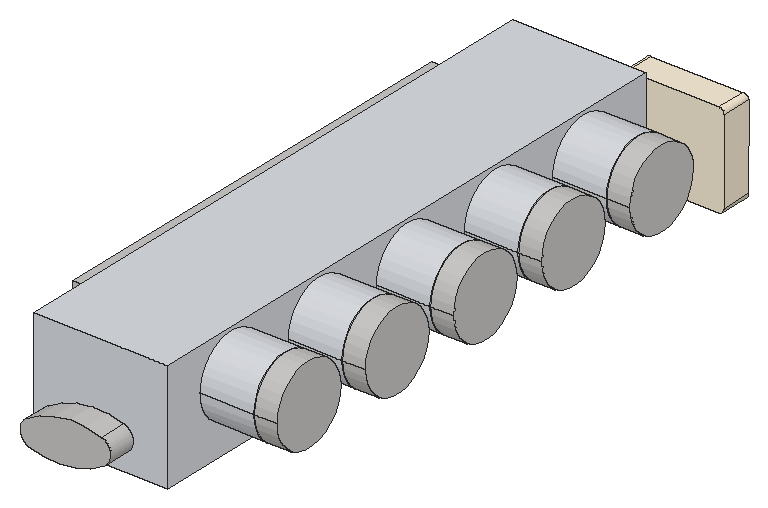
Revit family "HVAC_Ductwork_Airzone_Motorized-Plenum_Fujitsu_Low-Profile_5-Dampers", category Mechanical Equipment, Revit 2016
Family settings
  Part Type = Normal
  Round Connector Dimension = Use Diameter
  OmniClass Number = 23.75.70.14
  OmniClass Title = Air Ductwork
  Work Plane-Based = No
  Always vertical = Yes
  Cut with Voids When Loaded = No
  Shared = No
  Room Calculation Point = No
Parameters (values of type "FUJSL01M5")
  Voltage = 230 V
  URL = "www.airzone.es"
  Type Image Comments = "Image available in product documentation download"  # constant formula
  Revit Model Version = "1.0"  # constant formula
  Revit Model Author URL = "www.a3d.es"
  Revit Model Author = "A3D Consulting"  # constant formula
  Product Documentation Download URL = "http://doc.airzone.es/BIM/Easyzone/Fujitsu-Airzone_motorized_plenum.zip"
  Product Comments = "Refer to technical documentation for further details"  # constant formula
  Power Factor = 1
  Neck Width = 853.600 mm
  Neck Length = 40.000 mm
  Neck Height = 154.600 mm
  Material = Metal - AIRZONE - Galvanized Sheet - Semi-polished
  Main Control Board Material = Plastic - AIRZONE - Smooth - Off-white
  Load Classification = Other
  Insulated Body Width = 255.000 mm  # constant formula
  Insulated Body Material = Metal -AIRZONE - Insulating Lining -Aluminum Finish
  Insulated Body Length = 1140.000 mm  # constant formula
  Insulated Body Height = 210.000 mm  # constant formula
  Flow [instance] = Damper 5 Air Flow + Damper 4 Air Flow + Damper 3 Air Flow + Damper 2 Air Flow + Damper 1 Air Flow - Fresh Air Inlet 2 Flow - Fresh Air Inlet 1 Flow  # 1500 m³/h
  Fresh Air Inlet 1 Flow [instance] = 0 m³/h
  Fresh Air Inlet 2 Flow [instance] = 0 m³/h
  Fresh Air Inlet Connection Width = 175.000 mm
  Fresh Air Inlet Connection Height = 75.000 mm
  Model = "FUJSL01M5"
  Neck Side Offset = 143.200 mm
  Neck Bottom Offset = 33.700 mm
  Type Image = <None>
  Manufacturer = "AIRZONE"  # constant formula
  Main Control Board Depth = 57.000 mm  # constant formula
  Main Control Board Width = 195.000 mm  # constant formula
  Main Control Board Height = 180.000 mm  # constant formula
  Fixing = ""
  Disclaimer = "All information provided in this model is reviewed before being published. However, Airzone cannot guarantee this model is error-free, therefore users are strongly encouraged to check for technical documentation and updates"  # constant formula
  Description = "Airzone low profile motorized plenum with neck that mechanically adapts to the main ducted AC units of Fujitsu."
  Type Comments = ""
  Dampers Length = 149.000 mm  # constant formula
  Dampers Diameter = 150.000 mm  # constant formula
  Damper 5 Air Flow [instance] = 300 m³/h
  Damper 4 Air Flow [instance] = 300 m³/h
  Damper 1 Air Flow [instance] = 300 m³/h
  Damper 2 Air Flow [instance] = 300 m³/h
  Damper 3 Air Flow [instance] = 300 m³/h
  Fresh Air Inlet Connection Offset Height = 48.305 mm  # constant formula
  Compatible Accesories = ""
  Apparent Load = 57.5 VA
Types (2, lengths in mm): name | Neck Width | Model | Neck Side Offset
  FUJSL01M5 | 853.600 | "FUJSL01M5" | 143.200
  FUJSL01L5 | 1053.600 | "FUJSL01L5" | 43.200
Reference planes
  plane 1 "Center (Front/Back)": y = 0
  plane 2 "Center (Elevation)": z = 0
  plane 3 "Center (Left/Right)": x = 0
  plane 4 "Neck Back": y = 426.8
  plane 5 "Neck Front": y = -426.8
  plane 6 "Neck Top": z = 77.3
  plane 7 "Neck Bottom": z = -77.3
  plane 8 "Left": x = 40
  plane 9 "Bottom": z = -111
  plane 10 "Top": z = 99
  plane 11 "Front": y = -570
  plane 12 "Back": y = 570
  plane 13 "Right": x = 295
  plane 14 "Dampers Front": x = 444
  plane 15 "Dampers Center (Elevation)": z = 19
  plane 16 "Damper3": y = 0
  plane 17 "Damper2": y = 210
  plane 18 "Damper1": y = 420
  plane 19 "Middle": y = 0
  plane 20 "FreshAir Center (Elevation)": z = -62.695
  plane 21 "FreshAir1": y = 622.5
  plane 22 "FreshAir2": y = -622.5
  plane 23 "Dampers Lining": x = 399
  plane 24 "FreshAir Vertical Axis": x = 142.04
  plane 25 "ConnectionBox Side": x = 249
  plane 26 "Main Control Board Center (Left/Right)": x = 346.5
  plane 27 "Damper4": y = -210
  plane 28 "Damper5": y = -420
Forms (mm)
  Extrusion 1, solid, material "Metal - AIRZONE - Galvanized Sheet - Semi-polished" <- "Material"
    sketch origin (0, 0, 0) x (0, 1, 0) y (0, 0, 1)
      loop
        line (-426.8, 77.3) -> (-426.8, -77.3) -> (426.8, -77.3) -> (426.8, 77.3) -> (-426.8, 77.3)
    from 0 to 40
  Extrusion 2, solid, material "Metal -AIRZONE - Insulating Lining -Aluminum Finish" <- "Insulated Body Material"
    sketch origin (40, 0, 0) x (0, 1, 0) y (0, 0, 1)
      loop
        line (-570, 99) -> (-570, -111) -> (570, -111) -> (570, 99) -> (-570, 99)
    from 0 to 255
  Extrusion 3, solid, material "Metal - AIRZONE - Galvanized Sheet - Semi-polished" <- "Material"
    sketch origin (295, 0, 0) x (0, 1, 0) y (0, 0, 1)
      loop
        circle (0, 19) r 75
    from 104 to 149
  Extrusion 4, solid, material "Metal - AIRZONE - Galvanized Sheet - Semi-polished" <- "Material"
    sketch origin (295, 0, 0) x (0, 1, 0) y (0, 0, 1)
      loop
        circle (210, 19) r 75
    from 104 to 149
  Extrusion 5, solid, material "Metal - AIRZONE - Galvanized Sheet - Semi-polished" <- "Material"
    sketch origin (295, 0, 0) x (0, 1, 0) y (0, 0, 1)
      loop
        circle (420, 19) r 75
    from 104 to 149
  Extrusion 6, solid, material "Metal - AIRZONE - Galvanized Sheet - Semi-polished" <- "Material"
    sketch origin (0, -570, 0) x (0, 0, 1) y (1, 0, 0)
      loop
        arc (-30.141, 211.414) -> (-51.608, 228.315) -> (-76.312, 216.644) r 25.96
        arc (-76.312, 216.644) -> (-102.302, 146.808) -> (-94.849, 72.666) r 164.67
        arc (-94.849, 72.666) -> (-73.665, 55.799) -> (-48.994, 66.961) r 25.96
        arc (-48.994, 66.961) -> (-22.725, 136.99) -> (-30.141, 211.414) r 164.67
    from 0 to -52.5
  Extrusion 7, solid, material "Metal - AIRZONE - Galvanized Sheet - Semi-polished" <- "Material"
    sketch origin (0, 570, 0) x (0, 0, 1) y (1, 0, 0)
      loop
        arc (-30.141, 211.414) -> (-51.325, 228.281) -> (-75.996, 217.119) r 25.96
        arc (-75.996, 217.119) -> (-102.179, 147.74) -> (-95.267, 73.909) r 164.67
        arc (-95.267, 73.909) -> (-74.032, 55.847) -> (-48.678, 67.436) r 25.96
        arc (-48.678, 67.436) -> (-22.688, 137.272) -> (-30.141, 211.414) r 164.67
    from 0 to 52.5
  Extrusion 8, solid, material "Metal -AIRZONE - Insulating Lining -Aluminum Finish" <- "Insulated Body Material"
    sketch origin (295, 0, 0) x (0, 1, 0) y (0, 0, 1)
      loop
        circle (420, 19) r 75
    from 0 to 104
  Extrusion 9, solid, material "Metal -AIRZONE - Insulating Lining -Aluminum Finish" <- "Insulated Body Material"
    sketch origin (295, -260, 0) x (0, 1, 0) y (0, 0, 1)
      loop
        circle (470, 19) r 75
    from 0 to 104
  Extrusion 10, solid, material "Metal -AIRZONE - Insulating Lining -Aluminum Finish" <- "Insulated Body Material"
    sketch origin (295, -520, 0) x (0, 1, 0) y (0, 0, 1)
      loop
        circle (520, 19) r 75
    from 0 to 104
  Extrusion 11, solid, material "Metal - AIRZONE - Galvanized Sheet - Semi-polished" <- "Material"
    sketch origin (295, -190, 0) x (0, 1, 0) y (0, 0, 1)
      loop
        circle (-20, 19) r 75
    from 104 to 149
  Extrusion 12, solid, material "Metal -AIRZONE - Insulating Lining -Aluminum Finish" <- "Insulated Body Material"
    sketch origin (295, -710, 0) x (0, 1, 0) y (0, 0, 1)
      loop
        circle (500, 19) r 75
    from 0 to 104
  Extrusion 13, solid, material "Metal -AIRZONE - Insulating Lining -Aluminum Finish" <- "Insulated Body Material"
    sketch origin (295, -970, 0) x (0, 1, 0) y (0, 0, 1)
      loop
        circle (550, 19) r 75
    from 0 to 104
  Extrusion 14, solid, material "Metal - AIRZONE - Galvanized Sheet - Semi-polished" <- "Material"
    sketch origin (295, -450, 0) x (0, 1, 0) y (0, 0, 1)
      loop
        circle (30, 19) r 75
    from 104 to 149
Lines and regions (mm)
  Masking region 1
    outline origin (0, 0, 0) x (1, 0, 0) y (0, 1, 0)
      loop
        line (40, 570) -> (40, -570) -> (295, -570) -> (295, 570) -> (40, 570)
  Masking region 2, detail levels medium+fine
    outline origin (0, 0, 0) x (1, 0, 0) y (0, 1, 0)
      loop
        line (0, 426.8) -> (0, -426.8) -> (40, -426.8) -> (40, 426.8) -> (0, 426.8)
  Masking region 3, detail levels medium+fine
    outline origin (0, 0, 0) x (1, 0, 0) y (0, 1, 0)
      loop
        line (295, 75) -> (295, -75) -> (444, -75) -> (444, 75) -> (295, 75)
  Masking region 4, detail levels medium+fine
    outline origin (0, 260, 0) x (1, 0, 0) y (0, 1, 0)
      loop
        line (295, 25) -> (295, -125) -> (444, -125) -> (444, 25) -> (295, 25)
  Masking region 5, detail levels medium+fine
    outline origin (0, 520, 0) x (1, 0, 0) y (0, 1, 0)
      loop
        line (295, -25) -> (295, -175) -> (444, -175) -> (444, -25) -> (295, -25)
  Masking region 6, detail levels medium+fine
    outline origin (0, 0, -62.695) x (1, 0, 0) y (0, 1, 0)
      loop
        line (54.54, 622.5) -> (54.54, 570) -> (229.54, 570) -> (229.54, 622.5) -> (54.54, 622.5)
  Masking region 7, detail levels medium+fine
    outline origin (0, 0, -62.695) x (1, 0, 0) y (0, 1, 0)
      loop
        line (54.54, -570) -> (54.54, -622.5) -> (229.54, -622.5) -> (229.54, -570) -> (54.54, -570)
  Masking region 8, detail levels medium+fine
    outline origin (0, 0, 99) x (0, -1, 0) y (1, 0, 0)
      loop
        line (-627, 249) -> (-570, 249) -> (-570, 444) -> (-627, 444) -> (-627, 249)
  Masking region 9, detail levels medium+fine
    outline origin (0, -190, 0) x (1, 0, 0) y (0, 1, 0)
      loop
        line (295, 55) -> (295, -95) -> (444, -95) -> (444, 55) -> (295, 55)
  Masking region 10, detail levels medium+fine
    outline origin (0, -450, 0) x (1, 0, 0) y (0, 1, 0)
      loop
        line (295, 105) -> (295, -45) -> (444, -45) -> (444, 105) -> (295, 105)
  symbolic lines, detail levels coarse
    curve 1: line (40, -570, 0) -> (295, 0, 0)
    curve 2: line (295, 0, 0) -> (40, 570, 0)
Dimensions and locks
  equal spacing: plane 4 "Neck Back", plane 1 "Center (Front/Back)", plane 5 "Neck Front"
  "Neck Width": plane 4 "Neck Back" to plane 5 "Neck Front"
  equal spacing: plane 6 "Neck Top", level, plane 7 "Neck Bottom"
  "Neck Height": plane 6 "Neck Top" to plane 7 "Neck Bottom"
  "Neck Length": plane 3 "Center (Left/Right)" to plane 8 "Left"
  "Neck Bottom Offset": plane 7 "Neck Bottom" to plane 9 "Bottom"
  "Insulated Body Height": plane 10 "Top" to plane 9 "Bottom"
  "Insulated Body Length": plane 12 "Back" to plane 11 "Front"
  "Insulated Body Width": plane 8 "Left" to plane 13 "Right"
  "Dampers Length": plane 13 "Right" to plane 14 "Dampers Front"
  equal spacing: plane 12 "Back", plane 19 "Middle", plane 11 "Front"
  plane 8 "Left" to plane 13 "Right" = 255.000 mm
  "Fresh Air Inlet Connection Offset Height": plane 20 "FreshAir Center (Elevation)" to plane 9 "Bottom"
  locked: Extrusion 6 sketch curve to plane 9 "Bottom" at 56.47
  locked: Extrusion 6 sketch curve to plane 8 "Left" at 162.52
  locked: Extrusion 6 sketch curve to plane 8 "Left" at 41.56
  locked: Extrusion 6 sketch curve to plane 9 "Bottom" at 40.54
  locked: Extrusion 6 sketch curve to plane 8 "Left" at 118.3
  locked: plane 9 "Bottom" to Extrusion 6 sketch curve at 75.01
  locked: Extrusion 6 sketch curve to plane 8 "Left" at 85.78
  locked: Extrusion 6 sketch curve to plane 9 "Bottom" at 172.02
  locked: Extrusion 7 sketch curve to plane 8 "Left" at 162.52
  locked: Extrusion 7 sketch curve to plane 9 "Bottom" at 56.47
  locked: Extrusion 7 sketch curve to plane 9 "Bottom" at 40.54
  locked: Extrusion 7 sketch curve to plane 8 "Left" at 41.56
  locked: Extrusion 7 sketch curve to plane 8 "Left" at 85.78
  locked: Extrusion 7 sketch curve to plane 9 "Bottom" at 172.02
  locked: plane 9 "Bottom" to Extrusion 7 sketch curve at 75.01
  locked: Extrusion 7 sketch curve to plane 8 "Left" at 118.3
  "Neck Side Offset": plane 12 "Back" to plane 4 "Neck Back"
  locked: plane 21 "FreshAir1" to plane 12 "Back" at 52.5
  plane 11 "Front" to plane 22 "FreshAir2" = 52.500 mm
  locked: plane 24 "FreshAir Vertical Axis" to connector elem
  locked: plane 20 "FreshAir Center (Elevation)" to connector elem
  locked: connector elem to plane 24 "FreshAir Vertical Axis"
  locked: connector elem to plane 20 "FreshAir Center (Elevation)"
  locked: plane 23 "Dampers Lining" to plane 14 "Dampers Front" at 45
  locked: plane 8 "Left" to plane 24 "FreshAir Vertical Axis" at 102.04
  equal spacing: Masking region 3 sketch curve, plane 16 "Damper3", Masking region 3 sketch curve
  "Dampers Diameter": Masking region 3 sketch curve to Masking region 3 sketch curve
  "Dampers Diameter": Masking region 4 sketch curve to Masking region 4 sketch curve
  equal spacing: Masking region 5 sketch curve, plane 18 "Damper1", Masking region 5 sketch curve
  "Dampers Diameter": Masking region 5 sketch curve to Masking region 5 sketch curve
  equal spacing: Masking region 6 sketch curve, plane 24 "FreshAir Vertical Axis", Masking region 6 sketch curve
  "Fresh Air Inlet Connection Width": Masking region 6 sketch curve to Masking region 6 sketch curve
  equal spacing: Masking region 7 sketch curve, plane 24 "FreshAir Vertical Axis", Masking region 7 sketch curve
  "Fresh Air Inlet Connection Width": Masking region 7 sketch curve to Masking region 7 sketch curve
  "Main Control Board Depth": Masking region 8 sketch curve to plane 12 "Back"
  "Main Control Board Width": plane 25 "ConnectionBox Side" to plane 14 "Dampers Front"
  equal spacing: plane 25 "ConnectionBox Side", plane 26 "Main Control Board Center (Left/Right)", plane 14 "Dampers Front"
  locked: nested 1 to plane 10 "Top" at 10
  equal spacing: Masking region 4 sketch curve, plane 17 "Damper2", Masking region 4 sketch curve
  equal spacing: Masking region 9 sketch curve, plane 27 "Damper4", Masking region 9 sketch curve
  "Dampers Diameter": Masking region 9 sketch curve to Masking region 9 sketch curve
  plane 18 "Damper1" to plane 17 "Damper2" to plane 16 "Damper3" to plane 27 "Damper4" to plane 28 "Damper5" = 210.000 mm locked, 210.000 mm locked, 210.000 mm locked, 210.000 mm locked
  locked: plane 19 "Middle" to plane 16 "Damper3"
  equal spacing: Masking region 10 sketch curve, plane 28 "Damper5", Masking region 10 sketch curve
  "Dampers Diameter": Masking region 10 sketch curve to Masking region 10 sketch curve
  locked: plane 10 "Top" to plane 15 "Dampers Center (Elevation)" at 80
  "Dampers Diameter": diameter of Extrusion 3 sketch curve
  "Dampers Diameter": diameter of Extrusion 4 sketch curve
  "Dampers Diameter": diameter of Extrusion 5 sketch curve
  radius of Extrusion 7 sketch curve = 164.670 mm  (x2)
  radius of Extrusion 7 sketch curve = 25.960 mm  (x2)
  radius of Extrusion 6 sketch curve = 164.670 mm  (x2)
  radius of Extrusion 6 sketch curve = 25.960 mm  (x2)
  "Dampers Diameter": diameter of Extrusion 8 sketch curve
  "Dampers Diameter": diameter of Extrusion 9 sketch curve
  "Dampers Diameter": diameter of Extrusion 10 sketch curve
  "Dampers Diameter": diameter of Extrusion 11 sketch curve
  "Dampers Diameter": diameter of Extrusion 12 sketch curve
  "Dampers Diameter": diameter of Extrusion 13 sketch curve
  "Dampers Diameter": diameter of Extrusion 14 sketch curve
  aligned and locked: level to plane 2 "Center (Elevation)"
  aligned and locked: plane 5 "Neck Front" to Extrusion 1 sketch curve
  aligned and locked: Extrusion 1 sketch curve to plane 6 "Neck Top"
  aligned and locked: Extrusion 1 sketch curve to plane 4 "Neck Back"
  aligned and locked: plane 7 "Neck Bottom" to Extrusion 1 sketch curve
  aligned and locked: Extrusion 1 to plane 3 "Center (Left/Right)"
  aligned and locked: Extrusion 2 sketch curve to plane 10 "Top"
  aligned and locked: Extrusion 2 sketch curve to plane 12 "Back"
  aligned and locked: plane 9 "Bottom" to Extrusion 2 sketch curve
  aligned and locked: plane 11 "Front" to Extrusion 2 sketch curve
  aligned and locked: plane 13 "Right" to Extrusion 2
  aligned and locked: Extrusion 2 to plane 8 "Left"
  aligned and locked: plane 16 "Damper3" to Extrusion 3 sketch curve
  aligned and locked: plane 15 "Dampers Center (Elevation)" to Extrusion 3 sketch curve
  aligned and locked: plane 15 "Dampers Center (Elevation)" to Extrusion 4 sketch curve
  aligned and locked: plane 18 "Damper1" to Extrusion 5 sketch curve
  aligned and locked: plane 15 "Dampers Center (Elevation)" to Extrusion 5 sketch curve
  aligned and locked: plane 14 "Dampers Front" to Extrusion 5
  aligned and locked: plane 14 "Dampers Front" to Extrusion 4
  aligned and locked: plane 14 "Dampers Front" to Extrusion 3
  aligned and locked: plane 8 "Left" to Extrusion 1
  aligned and locked: plane 22 "FreshAir2" to Extrusion 6
  aligned and locked: plane 21 "FreshAir1" to Extrusion 7
  aligned and locked: Extrusion 7 to plane 12 "Back"
  aligned and locked: plane 11 "Front" to Extrusion 6
  aligned and locked: Extrusion 5 to plane 23 "Dampers Lining"
  aligned and locked: Extrusion 5 to Extrusion 4
  aligned and locked: Extrusion 4 to Extrusion 3
  aligned and locked: plane 23 "Dampers Lining" to Extrusion 8
  aligned and locked: Extrusion 10 to plane 13 "Right"
  aligned and locked: plane 23 "Dampers Lining" to Extrusion 10
  aligned and locked: Extrusion 9 to plane 13 "Right"
  aligned and locked: plane 23 "Dampers Lining" to Extrusion 9
  aligned and locked: Extrusion 8 to plane 13 "Right"
  aligned and locked: Extrusion 9 to Extrusion 8
  aligned and locked: plane 18 "Damper1" to Extrusion 8 sketch curve
  aligned and locked: plane 15 "Dampers Center (Elevation)" to Extrusion 8 sketch curve
  aligned and locked: plane 15 "Dampers Center (Elevation)" to Extrusion 9 sketch curve
  aligned and locked: plane 16 "Damper3" to Extrusion 10 sketch curve
  aligned and locked: plane 15 "Dampers Center (Elevation)" to Extrusion 10 sketch curve
  aligned and locked: Masking region 1 sketch curve to plane 12 "Back"
  aligned and locked: plane 8 "Left" to Masking region 1 sketch curve
  aligned and locked: Masking region 1 sketch curve to plane 13 "Right"
  aligned and locked: plane 11 "Front" to Masking region 1 sketch curve
  aligned and locked: plane 5 "Neck Front" to Masking region 2 sketch curve
  aligned and locked: plane 3 "Center (Left/Right)" to Masking region 2 sketch curve
  aligned and locked: Masking region 2 sketch curve to plane 4 "Neck Back"
  aligned and locked: Masking region 2 sketch curve to plane 8 "Left"
  aligned and locked: plane 13 "Right" to Masking region 3 sketch curve
  aligned and locked: Masking region 3 sketch curve to plane 14 "Dampers Front"
  aligned and locked: plane 13 "Right" to Masking region 4 sketch curve
  aligned and locked: Masking region 4 sketch curve to plane 14 "Dampers Front"
  aligned and locked: plane 13 "Right" to Masking region 5 sketch curve
  aligned and locked: Masking region 5 sketch curve to plane 14 "Dampers Front"
  aligned and locked: plane 12 "Back" to Masking region 6 sketch curve
  aligned and locked: Masking region 6 sketch curve to plane 21 "FreshAir1"
  aligned and locked: Masking region 7 sketch curve to plane 11 "Front"
  aligned and locked: Masking region 7 sketch curve to plane 22 "FreshAir2"
  aligned and locked: plane 12 "Back" to Masking region 8 sketch curve
  aligned and locked: Masking region 8 sketch curve to plane 14 "Dampers Front"
  aligned and locked: plane 25 "ConnectionBox Side" to Masking region 8 sketch curve
  aligned and locked: plane 17 "Damper2" to Extrusion 9 sketch curve
  aligned and locked: plane 17 "Damper2" to Extrusion 4 sketch curve
  aligned and locked: Masking region 9 sketch curve to plane 14 "Dampers Front"
  aligned and locked: plane 13 "Right" to Masking region 9 sketch curve
  aligned and locked: Extrusion 12 to plane 13 "Right"
  aligned and locked: plane 23 "Dampers Lining" to Extrusion 12
  aligned and locked: Extrusion 11 to plane 23 "Dampers Lining"
  aligned and locked: plane 14 "Dampers Front" to Extrusion 11
  aligned and locked: plane 15 "Dampers Center (Elevation)" to Extrusion 12 sketch curve
  aligned and locked: plane 27 "Damper4" to Extrusion 12 sketch curve
  aligned and locked: plane 15 "Dampers Center (Elevation)" to Extrusion 11 sketch curve
  aligned and locked: plane 27 "Damper4" to Extrusion 11 sketch curve
  aligned and locked: Masking region 10 sketch curve to plane 14 "Dampers Front"
  aligned and locked: plane 13 "Right" to Masking region 10 sketch curve
  aligned and locked: plane 28 "Damper5" to Extrusion 13 sketch curve
  aligned and locked: plane 15 "Dampers Center (Elevation)" to Extrusion 13 sketch curve
  aligned and locked: Extrusion 14 to plane 23 "Dampers Lining"
  aligned and locked: plane 14 "Dampers Front" to Extrusion 14
  aligned and locked: plane 15 "Dampers Center (Elevation)" to Extrusion 14 sketch curve
  aligned and locked: plane 28 "Damper5" to Extrusion 14 sketch curve
  aligned and locked: nested 1 to plane 26 "Main Control Board Center (Left/Right)"
Automatic sketch dimensions
  curve 2 to plane 8 "Left" = 0.000 mm
  curve 1 to plane 8 "Left" = 0.000 mm
  curve 2 to plane 13 "Right" = 0.000 mm
  curve 1 to plane 11 "Front" = 0.000 mm
  curve 2 to plane 16 "Damper3" = 0.000 mm
  curve 2 to plane 12 "Back" = 0.000 mm
Nested families
  nested 1: "Airzone_Main-Control-Board" at (346.5, 570, -1) x (-1, 0, 0) z (0, 1, 0), Extrusion <- "Main Control Board Depth", Height <- "Main Control Board Height", Width <- "Main Control Board Width", Material <- "Main Control Board Material", type "Standard"
    with Width 195.000 mm, Material Plastic - AIRZONE - Smooth - Off-white, Height 180.000 mm, Extrusion 57.000 mm
Connectors
  hvac at (444, 0, 19), driven by "Damper 3 Air Flow", driven by "Dampers Diameter"
    settings: on Extrusion 3, index 1, duct flow 300 m³/h, flow factor 0, pres drop 0.0 Pa, loss coef 0, conn angle 0.00°, conn width 304.8 mm, conn height 304.8 mm, conn diameter 150 mm, duct sys type 1, conn prof type 0, flow config 0, flow direction 2, loss method 0, conn ref index -1, conn util no, is conn primary no, conn desc "Supply Air Out 3"
  hvac at (444, 210, 19), driven by "Damper 2 Air Flow", driven by "Dampers Diameter"
    settings: on Extrusion 4, index 2, duct flow 300 m³/h, flow factor 0, pres drop 0.0 Pa, loss coef 0, conn angle 0.00°, conn width 304.8 mm, conn height 304.8 mm, conn diameter 150 mm, duct sys type 1, conn prof type 0, flow config 0, flow direction 2, loss method 0, conn ref index -1, conn util no, is conn primary no, conn desc "Supply Air Out 2"
  hvac at (444, 420, 19), driven by "Damper 1 Air Flow", driven by "Dampers Diameter"
    settings: on Extrusion 5, index 3, duct flow 300 m³/h, flow factor 0, pres drop 0.0 Pa, loss coef 0, conn angle 0.00°, conn width 304.8 mm, conn height 304.8 mm, conn diameter 150 mm, duct sys type 1, conn prof type 0, flow config 0, flow direction 2, loss method 0, conn ref index -1, conn util no, is conn primary no, conn desc "Supply Air Out 1"
  hvac at (0, 0, 0), driven by "Flow", driven by "Neck Height", driven by "Neck Width"
    settings: on Extrusion 1, index 6, duct flow 1500 m³/h, flow factor 0, pres drop 0.0 Pa, loss coef 0, conn angle 0.00°, conn width 853.6 mm, conn height 154.6 mm, conn diameter 609.6 mm, duct sys type 1, conn prof type 1, flow config 1, flow direction 1, loss method 0, conn ref index -1, conn util no, is conn primary yes, conn desc "Supply Air In"
  hvac at (142.04, -622.5, -62.695), driven by "Fresh Air Inlet 2 Flow", driven by "Fresh Air Inlet Connection Width", driven by "Fresh Air Inlet Connection Height"
    settings: index 7, duct flow 0 m³/h, flow factor 0, pres drop 0.0 Pa, loss coef 0, conn angle 0.00°, conn width 175 mm, conn height 75 mm, conn diameter 609.6 mm, duct sys type 1, conn prof type 2, flow config 1, flow direction 1, loss method 0, conn ref index -1, conn util no, is conn primary no, conn desc "Fresh Air In 2"
  hvac at (142.04, 622.5, -62.695), driven by "Fresh Air Inlet 1 Flow", driven by "Fresh Air Inlet Connection Height", driven by "Fresh Air Inlet Connection Width"
    settings: index 8, duct flow 0 m³/h, flow factor 0, pres drop 0.0 Pa, loss coef 0, conn angle 0.00°, conn width 175 mm, conn height 75 mm, conn diameter 609.6 mm, duct sys type 1, conn prof type 2, flow config 1, flow direction 1, loss method 0, conn ref index -1, conn util no, is conn primary no, conn desc "Fresh Air In 1"
  hvac at (444, -210, 19), driven by "Damper 4 Air Flow", driven by "Dampers Diameter"
    settings: on Extrusion 11, index 9, duct flow 300 m³/h, flow factor 0, pres drop 0.0 Pa, loss coef 0, conn angle 0.00°, conn width 304.8 mm, conn height 304.8 mm, conn diameter 150 mm, duct sys type 1, conn prof type 0, flow config 0, flow direction 2, loss method 0, conn ref index -1, conn util no, is conn primary no, conn desc "Supply Air Out 4"
  hvac at (444, -420, 19), driven by "Damper 5 Air Flow", driven by "Dampers Diameter"
    settings: on Extrusion 14, index 10, duct flow 300 m³/h, flow factor 0, pres drop 0.0 Pa, loss coef 0, conn angle 0.00°, conn width 304.8 mm, conn height 304.8 mm, conn diameter 150 mm, duct sys type 1, conn prof type 0, flow config 0, flow direction 2, loss method 0, conn ref index -1, conn util no, is conn primary no, conn desc "Supply Air Out 5"
  electrical at (346.5, 627, -1), driven by "Load Classification", driven by "Voltage", driven by "Apparent Load", driven by "Power Factor"
    settings: on nested 1, index 11, voltage 230 V, apparent load 57.5 VA, apparent load phase1 0 VA, apparent load phase2 0 VA, apparent load phase3 0 VA, power factor 1, load classification "Other", number of poles 1, system type 30, power factor state 1, is connector primary yes, connector utility no, sub classification motor no, connector description "Power Supply"
Definition of nested family "Airzone_Main-Control-Board"
  Parameters (values of type "Standard")
    Width [instance] = 195.000 mm
    URL = "www.airzone.es"
    Revit Model Version = "1.0"  # constant formula
    Revit Model Author URL = "www.a3d.es"
    Revit Model Author = "A3D Consulting"  # constant formula
    Material [instance] = none
    Manufacturer = "AIRZONE"  # constant formula
    Height [instance] = 180.000 mm
    Extrusion [instance] = 57.000 mm
    Default Elevation = 0.000 mm
  Reference planes
    plane 1 "Center (Front/Back)": y = 0
    plane 2: z = 0
    plane 3 "Center (Left/Right)": x = 0
    plane 4: y = 90
    plane 5: y = -90
    plane 6: x = 97.5
    plane 7: x = -97.5
  Forms (mm)
    Extrusion 1, solid, material <- "Material"
      sketch origin (0, 0, 0) x (1, 0, 0) y (0, 1, 0)
        loop
          arc (-87.5, 90) -> (-94.571, 87.071) -> (-97.5, 80) r 10
          line (-97.5, 80) -> (-97.5, -80)
          arc (-97.5, -80) -> (-94.571, -87.071) -> (-87.5, -90) r 10
          line (-87.5, -90) -> (87.5, -90)
          arc (87.5, -90) -> (94.571, -87.071) -> (97.5, -80) r 10
          line (97.5, -80) -> (97.5, 80)
          arc (97.5, 80) -> (94.571, 87.071) -> (87.5, 90) r 10
          line (87.5, 90) -> (-87.5, 90)
      from 0 to 57 <- "Extrusion"
  Dimensions and locks
    equal spacing: plane 7, plane 3 "Center (Left/Right)", plane 6
    equal spacing: plane 4, plane 1 "Center (Front/Back)", plane 5
    "Width": plane 7 to plane 6
    "Height": plane 4 to plane 5
    radius of Extrusion 1 sketch curve = 10.000 mm  (x4)
    aligned and locked: level to plane 2
    aligned and locked: plane 5 to Extrusion 1 sketch curve
    aligned and locked: Extrusion 1 sketch curve to plane 6
    aligned and locked: Extrusion 1 sketch curve to plane 4
    aligned and locked: plane 7 to Extrusion 1 sketch curve
